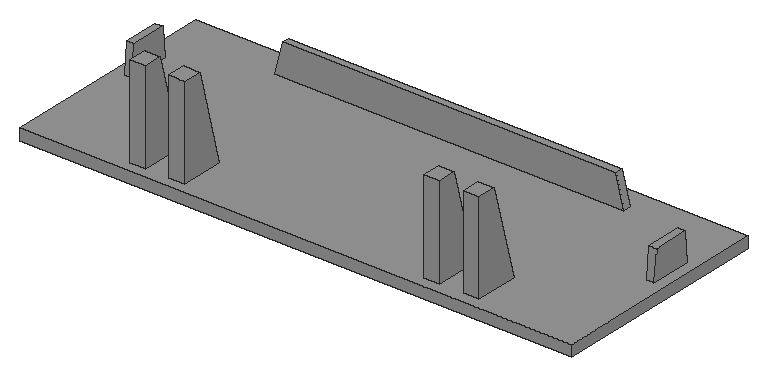
Revit family "Endstück WDK HE60150RW", category Generic Models, Revit 2017
Family settings
  Can host rebar = No
  Round Connector Dimension = Use Diameter
  Part Type = Normal
  Work Plane-Based = No
  Always vertical = Yes
  Cut with Voids When Loaded = No
  Shared = No
  Room Calculation Point = No
Parameters (values of type "WDK HE60150RW")
  Width = 150 mm
  URL = "http://www.obo-bettermann.com"
  Material = Polyvinylchlorid
  Manufacturer Art.No. = "6193323"
  Manufacturer = "OBO BETTERMANN"
  Height = 60 mm
  GTIN = "4012196492855"
  Article Type = "WDK HE60150RW"
Reference planes
  plane 1 "Center (Front/Back)": y = 0
  plane 2: z = 0
  plane 3 "Center (Left/Right)": x = 0
  plane 4: z = 3
  plane 5: x = 75
  plane 6: z = 11.437
  plane 7: x = 27.5
  plane 8: x = 122.5
  plane 9: y = 52.237
  plane 10: y = 54.237
  plane 11: y = 43
  plane 12: x = 3
  plane 13: x = 5
  plane 14: x = 75
  plane 15: y = 43
  plane 16: z = 28
  plane 17: y = 4.592
  plane 18: y = 3
  plane 19: x = 35
  plane 20: x = 115
  plane 21: x = 31.75
  plane 22: x = 38.25
  plane 23: x = 111.75
  plane 24: x = 118.25
  plane 25: x = 27.5
  plane 26: z = 28
  plane 27: y = 4.592
  plane 28: y = 3
  plane 29: z = 28
  plane 30: y = 4.592
  plane 31: y = 3
  plane 32: z = 28
  plane 33: y = 4.592
  plane 34: y = 3
Forms (mm)
  Extrusion 1, solid, material "Polyvinylchlorid" <- "Material"
    sketch origin (0, 0, 0) x (1, 0, 0) y (0, 1, 0)
      loop
        line (0, 0) -> (150, 0) -> (150, 60) -> (0, 60) -> (0, 0)
    from 0 to 3
  Extrusion 2, solid, material "Polyvinylchlorid" <- "Material"
    sketch origin (0, 0, 0) x (1, 0, 0) y (0, 0, 1)
      loop
        line (27.5, 3) -> (122.5, 3) -> (120.239, 11.437) -> (29.761, 11.437) -> (27.5, 3)
    from -54.237 to -52.237
  Extrusion 3, solid, material "Polyvinylchlorid" <- "Material"
    sketch origin (0, 0, 0) x (0, 1, 0) y (0, 0, 1)
      loop
        line (43, 3) -> (42.301, 10.99) -> (32.655, 10.99) -> (31.956, 3) -> (43, 3)
    from 3 to 5
  Extrusion 4, solid, material "Polyvinylchlorid" <- "Material"
    sketch origin (150, 0, 0) x (0, 1, 0) y (0, 0, -1)
      loop
        line (43, -3) -> (31.956, -3) -> (32.655, -10.99) -> (42.301, -10.99) -> (43, -3)
    from 3 to 5
  Extrusion 5, solid, material "Polyvinylchlorid" <- "Material"
    sketch origin (0, 0, 0) x (0, 1, 0) y (0, 0, 1)
      loop
        line (3, 3) -> (14.699, 3) -> (8, 28) -> (3, 28) -> (3, 3)
    from 31.75 to 27.5
  Extrusion 6, solid, material "Polyvinylchlorid" <- "Material"
    sketch origin (70, 0, 0) x (0, 1, 0) y (0, 0, -1)
      loop
        line (3, -3) -> (3, -28) -> (8, -28) -> (14.699, -3) -> (3, -3)
    from 31.75 to 27.5
  Extrusion 7, solid, material "Polyvinylchlorid" <- "Material"
    sketch origin (150, 0, 0) x (0, 1, 0) y (0, 0, -1)
      loop
        line (3, -3) -> (3, -28) -> (8, -28) -> (14.699, -3) -> (3, -3)
    from 31.75 to 27.5
  Extrusion 8, solid, material "Polyvinylchlorid" <- "Material"
    sketch origin (80, 0, 0) x (0, 1, 0) y (0, 0, 1)
      loop
        line (3, 3) -> (14.699, 3) -> (8, 28) -> (3, 28) -> (3, 3)
    from 31.75 to 27.5
Dimensions and locks
  locked: Extrusion 1 sketch curve to Extrusion 1 sketch curve at 60
  locked: Extrusion 1 sketch curve to Extrusion 1 sketch curve at 150
  locked: Extrusion 1 to Extrusion 1 at 3
  Extrusion 1 to plane 3 "Center (Left/Right)" = 150 mm
  locked: plane 5 to plane 3 "Center (Left/Right)" at 75
  locked: Extrusion 2 sketch curve to Extrusion 1 at 8.437
  locked: Extrusion 2 sketch curve to Extrusion 2 sketch curve at 95
  locked: Extrusion 2 sketch curve to Extrusion 2 sketch curve at 90.478
  locked: Extrusion 2 to plane 9 at 2
  locked: Extrusion 1 to plane 11 at 17
  locked: Extrusion 3 sketch curve to Extrusion 1 at 7.99
  locked: Extrusion 3 sketch curve to Extrusion 3 sketch curve at 11.044
  Extrusion 3 sketch curve to Extrusion 1 = 7.99 mm
  locked: Extrusion 3 sketch curve to Extrusion 3 sketch curve at 9.646
  locked: Extrusion 3 to Extrusion 3 at 2
  locked: Extrusion 1 to Extrusion 3 at 3
  locked: Extrusion 1 to plane 14 at 75
  locked: Extrusion 4 sketch curve to Extrusion 4 sketch curve at 11.044
  locked: Extrusion 4 sketch curve to Extrusion 4 sketch curve at 9.646
  locked: Extrusion 4 to Extrusion 4 at 2
  locked: plane 16 to Extrusion 1 at 25
  locked: Extrusion 5 sketch curve to Extrusion 1 at 25
  locked: Extrusion 5 sketch curve to Extrusion 5 sketch curve at 5
  locked: Extrusion 5 sketch curve to Extrusion 5 sketch curve at 11.699
  locked: Extrusion 6 sketch curve to Extrusion 6 sketch curve at 5
  locked: Extrusion 6 sketch curve to Extrusion 6 sketch curve at 11.699
  locked: Extrusion 7 sketch curve to Extrusion 7 sketch curve at 5
  locked: Extrusion 7 sketch curve to Extrusion 7 sketch curve at 11.699
  locked: Extrusion 8 sketch curve to Extrusion 8 sketch curve at 5
  locked: Extrusion 8 sketch curve to Extrusion 8 sketch curve at 11.699
  locked: Extrusion 2 sketch curve to plane 7 (angle 15.00°)
  locked: plane 8 to Extrusion 2 sketch curve (angle 15.00°)
  aligned and locked: level to plane 2
  aligned and locked: plane 1 "Center (Front/Back)" to Extrusion 1
  aligned and locked: Extrusion 1 to plane 3 "Center (Left/Right)"
  aligned and locked: Extrusion 1 to plane 4
  aligned and locked: Extrusion 2 to plane 10
  aligned and locked: Extrusion 2 to plane 9
  aligned and locked: Extrusion 3 to plane 12
  aligned and locked: plane 13 to Extrusion 3
  aligned and locked: Extrusion 5 to Extrusion 1
  aligned and locked: Extrusion 5 to plane 25
